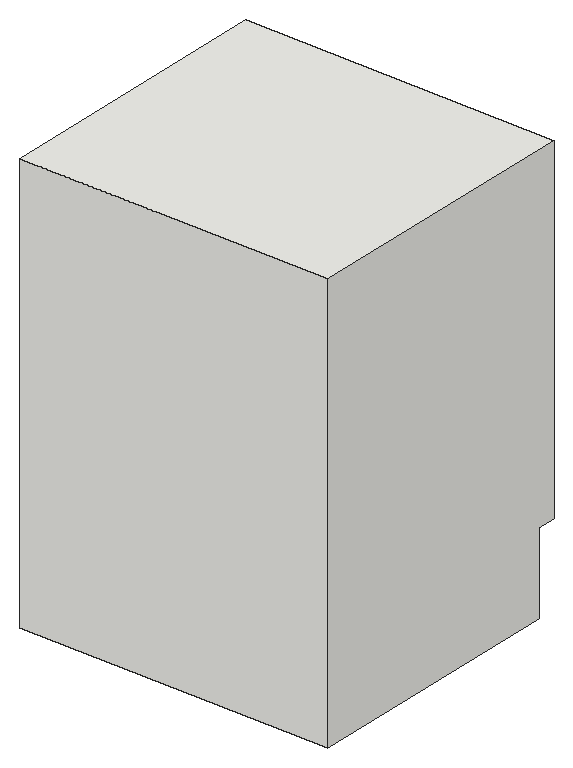
Revit family
Parameters (values of type "600 x 820 x 550mm")
  Label = "W"
  Depth = 550 mm
  Height = 820 mm
  Plinth Depth = 35 mm
  Plinth Height = 160 mm
  Material = Metal - Paint Finish - Ivory, Glossy
  Width = 600 mm
Reference planes
  plane 1: y = 0
  plane 2 "Center": x = -151.314
  plane 3: y = 676.2
  plane 4 "Right": x = 148.686
  plane 5 "Left": x = -451.314
  plane 6: y = 126.2
  plane 7: z = 160
  plane 8: y = 641.2
  plane 9: z = 820
  plane 10: z = 786.085
  plane 11: z = 761.085
  plane 12: x = -376.314
  plane 13: x = -25.005
  plane 14: z = 702.169
  plane 15: z = 736.085
  plane 16: z = 440
Forms (mm)
  Extrusion 1, solid, material "Metal - Paint Finish - Ivory, Glossy" <- "Material"
    sketch origin (-451.314, 0, 0) x (0, -1, 0) y (0, 0, 1)
      loop
        line (-126.2, 820) -> (-676.2, 820) -> (-676.2, 160) -> (-641.2, 160) -> (-641.2, 0) -> (-126.2, 0) -> (-126.2, 820)
    from -600 to 0
  Extrusion 2, void
    sketch origin (-451.314, 676.2, 820) x (-1, 0, 0) y (0, 0, -1)
      loop
        circle (-300, 380) r 140
    from 0 to 250
  Extrusion 3, solid, material "Metal - Chrome"
    sketch origin (-451.314, 676.2, 820) x (1, 0, 0) y (0, 0, -1)
      loop
        circle (300, 380) r 190
      loop
        circle (300, 380) r 140
      loop
        circle (75, 58.915) r 25
      loop
        line (454.473, 58.915) -> (571.309, 58.915) -> (571.309, 83.915) -> (454.473, 83.915) -> (454.473, 58.915)
      loop
        line (275, 38.915) -> (325, 38.915) -> (325, 78.915) -> (275, 78.915) -> (275, 38.915)
    from 0 to 15
  Extrusion 4, solid, material "Glass"
    sketch origin (-451.314, 676.2, 820) x (1, 0, 0) y (0, 0, -1)
      loop
        circle (300, 380) r 140
    from 0 to 15
Cuts and joins
  Extrusion 2 cuts Extrusion 1
Lines and regions (mm)
  model lines
    curve 1: line (148.686, 676.2, 820) -> (-451.314, 676.2, 820)
    curve 2: line (148.686, 676.2, 702.169) -> (148.686, 676.2, 820)
    curve 3: line (-451.314, 676.2, 702.169) -> (148.686, 676.2, 702.169)
    curve 4: line (-451.314, 676.2, 820) -> (-451.314, 676.2, 702.169)
    curve 5: line (119.995, 676.2, 786.085) -> (119.995, 676.2, 786.085)
    curve 6: line (-76.314, 676.2, 786.085) -> (-76.314, 676.2, 786.085)
    curve 7: line (84.995, 676.2, 786.085) -> (84.995, 676.2, 786.085)
    curve 13: line (-25.005, 676.2, 820) -> (-25.005, 676.2, 702.169)
    curve 14: arc (-376.314, 676.2, 736.085) -> (-401.314, 676.2, 761.085) -> (-376.314, 676.2, 786.085) r 25
    curve 15: arc (-376.314, 676.2, 786.085) -> (-351.314, 676.2, 761.085) -> (-376.314, 676.2, 736.085) r 25
    curve 16: arc (-376.314, 676.2, 721.085) -> (-416.314, 676.2, 761.085) -> (-376.314, 676.2, 801.085) r 40
    curve 17: arc (-376.314, 676.2, 801.085) -> (-336.314, 676.2, 761.085) -> (-376.314, 676.2, 721.085) r 40
    curve 18: line (119.995, 676.2, 761.085) -> (3.159, 676.2, 761.085)
    curve 19: line (119.995, 676.2, 736.085) -> (119.995, 676.2, 761.085)
    curve 20: line (3.159, 676.2, 736.085) -> (119.995, 676.2, 736.085)
    curve 21: line (3.159, 676.2, 761.085) -> (3.159, 676.2, 736.085)
    curve 22: line (-126.314, 676.2, 741.085) -> (-176.314, 676.2, 741.085)
    curve 23: line (-126.314, 676.2, 781.085) -> (-126.314, 676.2, 741.085)
    curve 24: line (-176.314, 676.2, 781.085) -> (-126.314, 676.2, 781.085)
    curve 25: line (-176.314, 676.2, 781.085) -> (-176.314, 676.2, 741.085)
    curve 26: line (-151.314, 676.2, 781.085) -> (-151.314, 676.2, 741.085)
    curve 27: arc (-151.314, 676.2, 300) -> (-291.314, 676.2, 440) -> (-151.314, 676.2, 580) r 140
    curve 28: arc (-151.314, 676.2, 580) -> (-11.314, 676.2, 440) -> (-151.314, 676.2, 300) r 140
    curve 29: arc (-151.314, 676.2, 250) -> (-341.314, 676.2, 440) -> (-151.314, 676.2, 630) r 190
    curve 30: arc (-151.314, 676.2, 630) -> (38.686, 676.2, 440) -> (-151.314, 676.2, 250) r 190
    curve 31: arc (-357.887, 676.2, 179.77) -> (-392.887, 676.2, 214.77) -> (-357.887, 676.2, 249.77) r 35
    curve 32: arc (-357.887, 676.2, 249.77) -> (-322.887, 676.2, 214.77) -> (-357.887, 676.2, 179.77) r 35
    curve 33: line (-323.352, 676.2, 209.08) -> (-392.421, 676.2, 209.08)
    curve 34: line (-323.153, 676.2, 219.08) -> (-392.62, 676.2, 219.08)
  symbolic lines
    curve 8: line (-451.314, 676.2, 0) -> (148.686, 676.2, 0)
    curve 9: line (-451.314, 126.2, 0) -> (-451.314, 676.2, 0)
    curve 10: line (148.686, 126.2, 0) -> (-451.314, 126.2, 0)
    curve 11: line (148.686, 676.2, 0) -> (148.686, 126.2, 0)
    curve 12: line (-451.314, 656.2, 0) -> (148.686, 656.2, 0)
Text (mm)
  text "Placement Side" at (0, 1019.848, 3124.603), in view "Right"
  text "Placement Side" at (-1029.972, 1450.836, 0), in view "Ref. Level"
  text "Placement Side" at (0, 954.249, 1941.957), in view "Left"
Dimensions and locks
  "Depth": plane 6 to plane 3
  "Width": plane 5 "Left" to plane 4 "Right"
  equal spacing: plane 5 "Left", plane 2 "Center", plane 4 "Right"
  locked: plane 6 to host wall at 50
  "Plinth Depth": plane 3 to plane 8
  "Plinth Height": level to plane 7
  "Height": level to plane 9
  plane 5 "Left" to plane 12 = 75 mm
  equal spacing: plane 14, plane 11, plane 9
  plane 14 to plane 9 = 117.831 mm
  equal spacing: plane 15, plane 11, plane 10
  equal spacing: plane 6, nested 1, plane 3
  aligned and locked: plane 5 "Left" to Extrusion 1  (x2)
  aligned and locked: curve 1 to plane 9
  aligned and locked: Extrusion 1 to plane 4 "Right"
  aligned and locked: curve 8 to Extrusion 1
  aligned and locked: curve 8 to curve 3
  aligned and locked: curve 11 to Extrusion 1  (x2)
  aligned and locked: plane 14 to curve 3
Automatic sketch dimensions
  Extrusion 1 sketch curve to plane 3 = 0 mm
  Extrusion 1 sketch curve to plane 7 = 0 mm
  Extrusion 1 sketch curve to plane 8 = 0 mm
  Extrusion 1 sketch curve to level = 0 mm
  Extrusion 1 sketch curve to plane 6 = 0 mm
  Extrusion 1 sketch curve to plane 9 = 0 mm
  curve 12 to curve 8 = 20 mm
  curve 17 to plane 12 = 0 mm
  curve 6 to plane 10 = 0 mm  (x2)
  curve 5 to plane 10 = 0 mm  (x2)
  curve 7 to plane 10 = 0 mm  (x2)
  curve 15 to plane 10 = 0 mm
  curve 26 to plane 2 "Center" = 0 mm
  curve 16 to plane 11 = 0 mm
  curve 14 to plane 11 = 0 mm
  curve 18 to plane 11 = 0 mm
  curve 20 to plane 15 = 0 mm
  curve 29 to plane 2 "Center" = 0 mm
  curve 27 to plane 2 "Center" = 0 mm
  curve 27 to plane 16 = 0 mm
  curve 29 to plane 16 = 0 mm
  curve 1 to plane 5 "Left" = 0 mm
  curve 14 to plane 12 = 0 mm
  curve 13 to plane 13 = 0 mm
  curve 1 to plane 4 "Right" = 0 mm
  curve 17 to curve 14 = 15 mm
  plane 10 to curve 24 = 5 mm
  curve 29 to plane 14 = 72.169 mm
  curve 29 to curve 27 = 50 mm
  curve 32 to plane 12 = 18.427 mm
  curve 32 to plane 7 = 89.77 mm
  curve 31 to curve 34 = 30.691 mm
  curve 31 to curve 31 = 35 mm
  plane 12 to curve 33 = 16.107 mm
  curve 25 to plane 2 "Center" = 25 mm
  plane 2 "Center" to curve 22 = 25 mm
  curve 21 to plane 13 = 28.164 mm
  plane 4 "Right" to curve 7 = 63.691 mm
  curve 7 to curve 7 = 0 mm
  plane 4 "Right" to curve 19 = 28.691 mm
  curve 5 to curve 18 = 0 mm
  curve 5 to curve 5 = 0 mm
  curve 23 to curve 6 = 50 mm
  curve 6 to curve 6 = 0 mm
  curve 22 to plane 15 = 5 mm
  Extrusion 2 sketch curve to plane 16 = 0 mm
  Extrusion 2 sketch curve to plane 2 "Center" = 0 mm
  Extrusion 2 sketch curve to plane 13 = 13.691 mm
  Extrusion 3 sketch curve to plane 11 = 0 mm  (x2)
  Extrusion 3 sketch curve to plane 12 = 0 mm
  Extrusion 3 sketch curve to plane 16 = 0 mm  (x2)
  Extrusion 3 sketch curve to plane 2 "Center" = 0 mm  (x2)
  Extrusion 3 sketch curve to plane 15 = 0 mm
  plane 12 to Extrusion 3 sketch curve = 25 mm
  Extrusion 3 sketch curve to plane 12 = 35 mm
  Extrusion 3 sketch curve to Extrusion 3 sketch curve = 50 mm
  plane 10 to Extrusion 3 sketch curve = 5 mm
  Extrusion 3 sketch curve to plane 2 "Center" = 25 mm
  plane 2 "Center" to Extrusion 3 sketch curve = 25 mm
  Extrusion 3 sketch curve to plane 13 = 28.164 mm
  plane 4 "Right" to Extrusion 3 sketch curve = 28.691 mm
  Extrusion 3 sketch curve to plane 15 = 5 mm
  Extrusion 4 sketch curve to plane 16 = 0 mm
  Extrusion 4 sketch curve to plane 2 "Center" = 0 mm
  Extrusion 4 sketch curve to plane 12 = 85 mm
Nested families
  nested 1: "M_Label Annotation" at (-151.314, 401.2, 0), type "M_Label Annotation", detail levels medium+fine
Definition of nested family "M_Label Annotation"
  Parameters
    Label = ""
  Reference planes
    plane 1: y = 0
    plane 2: x = 0
  Text (mm)
    label "Label" at (0.007, 0.129, 0), shows "Label"
